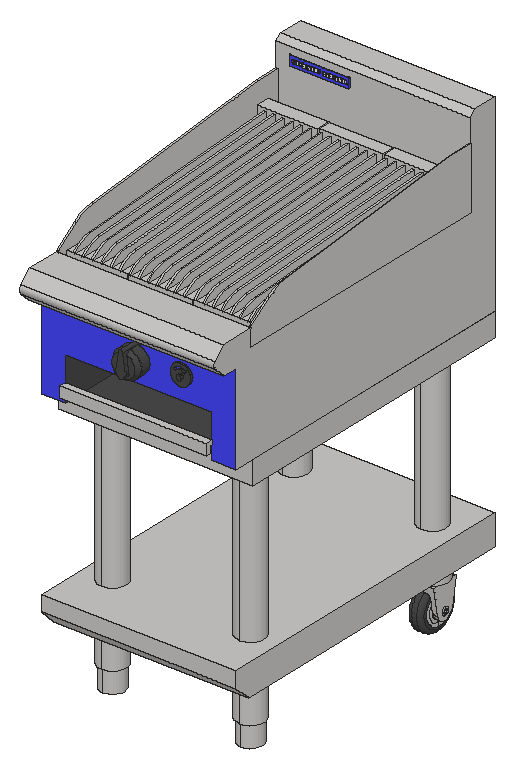
Revit family "QF_MOFFAT_BLUESEAL_CE_G593-LS", category Specialty Equipment, Revit 2012
Parameters
  Weight in Pounds = 217  # constant formula
  URL Cutsheet = "www.moffat.com"
  URL = "www.moffat.com"
  Type Mark [instance] = ""
  Status [instance] = ""
  Specification by User [instance] = ""
  Specification by Manufacturer = ""
  Show Logo [instance] = yes
  Show Casters [instance] = yes
  Serial Number = ""
  Seismic Rating = ""
  SMACNA No = ""
  Revision Code [instance] = ""
  Omniclass Number and Title = ""
  NAFEM Spec ID Number = ""
  Model = "G593-LS"
  Mechanical Remarks [instance] = ""
  Mechanical Connection Type [instance] = ""
  Masterspec = ""
  Manufacturer = "MOFFAT BLUESEAL"
  Legs [instance] = not(Show Casters)  # no
  Item Number [instance] = ""
  Installed By [instance] = ""
  Identify Quantity as Lot [instance] = yes
  Gas Size = 3/4"
  Gas RI Height [instance] = 0 mm
  Gas KW [instance] = 14.4
  Gas Input [instance] = 48500.0 Btu/h
  Gas Connection Height = 0 mm
  Furnished By [instance] = ""
  Foodservice Equipment Identifier [instance] = yes
  Description = "450MM GAS CHARGRILL  ON LEG STAND"
  CSI MasterFormat = ""
  CSI Master Format = ""
  Body Finish = QF_Finishes_Stainless Steel
Reference planes
  plane 1 "BACK": y = 0
  plane 2: z = 0
  plane 3 "LEFT": x = 0
  plane 4 "RIGHT": x = 450
  plane 5 "FRONT": y = -812
  plane 6 "TOP": z = 972
  plane 7 "Center Y": x = 225
  plane 8 "Center X": y = -406
  plane 9: z = 970
  plane 10: z = 1085
  plane 11: y = -100
  plane 12: y = -625
  plane 13: x = 65.5
  plane 14: x = 384.5
Forms (mm)
  Extrusion 1, solid, material "QF_Finishes_Stainless Steel" <- "Body Finish"
    sketch origin (0, 0, 0) x (0, 1, 0) y (0, 0, 1)
      loop
        line (0, 222.5) -> (-749, 222.5) -> (-749, 186) -> (-713, 150) -> (0, 150) -> (0, 222.5)
      loop
        line (0, 640) -> (0, 1085) -> (-57.5, 1085) -> (-70, 1072.5) -> (-70, 875) -> (-705, 875) -> (-705, 915) -> (-783.97, 915) -> (-808.485, 890.485)
        arc (-808.485, 890.485) -> (-811.999, 882) -> (-808.485, 873.515) r 12
        line (-808.485, 873.515) -> (-784.97, 850) -> (-749, 850) -> (-749, 640) -> (0, 640)
      loop
        line (0, 585) -> (0, 639.206) -> (-699, 639.206) -> (-699, 585) -> (0, 585)
    from 0 to 450
  Revolve 2, solid, material "QF_Finishes_Stainless Steel" <- "Body Finish"
    sketch origin (385, -735, 0) x (0, 1, 0) y (0, 0, -1)
      loop
        line (78.25, -150) -> (110, -150) -> (110, 0) -> (82.5, 0) -> (82.5, -50) -> (78.25, -50) -> (78.25, -150)
      loop
        line (78.25, -222.5) -> (78.25, -585) -> (110, -585) -> (110, -222.5) -> (78.25, -222.5)
      axis (110, -585) -> (110, 0)
    angle from 0 to 360
  Revolve 3, solid, material "QF_Finishes_Stainless Steel" <- "Body Finish"
    sketch origin (385, -210, 0) x (0, 1, 0) y (0, 0, -1)
      loop
        line (78.25, -222.5) -> (78.25, -585) -> (110, -585) -> (110, -222.5) -> (78.25, -222.5)
      axis (110, -585) -> (110, -222.5)
    angle from 0 to 360
  Revolve 4, solid, material "QF_Finishes_Stainless Steel" <- "Body Finish"
    sketch origin (65, -735, 0) x (0, 1, 0) y (0, 0, 1)
      loop
        line (78.25, 150) -> (78.25, 50) -> (82.5, 50) -> (82.5, 0) -> (110, 0) -> (110, 150) -> (78.25, 150)
      loop
        line (78.25, 222.5) -> (110, 222.5) -> (110, 585) -> (78.25, 585) -> (78.25, 222.5)
      axis (110, 585) -> (110, 0)
    angle from 0 to 360
  Revolve 5, solid, material "QF_Finishes_Stainless Steel" <- "Body Finish"
    sketch origin (65, -210, 0) x (0, 1, 0) y (0, 0, 1)
      loop
        line (78.25, 222.5) -> (110, 222.5) -> (110, 585) -> (78.25, 585) -> (78.25, 222.5)
      axis (110, 585) -> (110, 222.5)
    angle from 0 to 360
  Extrusion 6, solid, material "QF_Finishes_Stainless Steel" <- "Body Finish"
    sketch origin (0, 0, 157.388) x (0, 1, 0) y (0, 0, 1)
      loop
        line (-70, 717) -> (-70, 860.112) -> (-127.045, 860.112) -> (-604.53, 814.135)
        arc (-604.53, 814.135) -> (-629.557, 808.415) -> (-652.303, 796.511) r 100
        line (-652.303, 796.511) -> (-705, 759.612) -> (-705, 717) -> (-70, 717)
    from 0 to 4.5
  Extrusion 7, solid, material "QF_Finishes_Stainless Steel" <- "Body Finish"
    sketch origin (450, 0, 0) x (0, -1, 0) y (0, 0, 1)
      loop
        line (70, 874.388) -> (705, 874.388) -> (705, 917) -> (652.303, 953.899)
        arc (652.303, 953.899) -> (629.557, 965.803) -> (604.53, 971.523) r 100
        line (604.53, 971.523) -> (127.045, 1017.5) -> (70, 1017.5) -> (70, 874.388)
    from 0 to 3
  Revolve 8, solid, material "QF_Finishes_Black"
    sketch origin (225, 7, 155.8) x (0, 1, 0) y (0, 0, 1)
      loop
        line (-789, 671.5) -> (-800, 665.651) -> (-800, 639) -> (-756, 639) -> (-756, 644) -> (-766, 644) -> (-766, 671.5) -> (-789, 671.5)
      axis (-800, 639) -> (-756, 639)
    angle from 0 to 360
  Extrusion 9, solid, material "QF_Finishes_Black"
    sketch origin (86.887, 7, 155.8) x (1, 0, 0) y (0, 0, 1)
      loop
        line (148.532, 628.195) -> (143.111, 671.113)
        arc (143.111, 671.113) -> (138.113, 676) -> (133.114, 671.113) r 5
        line (133.114, 671.113) -> (127.625, 627.028)
        arc (127.625, 627.028) -> (138.697, 616.529) -> (148.532, 628.195) r 10.487
    from 759 to 808
  Extrusion 10, solid, material "QF_Finishes_Stainless Steel"
    sketch origin (276, 0, 158) x (0, 1, 0) y (0, 0, 1)
      loop
        line (-132, 752.364) -> (-132, 804.849) -> (-637.852, 774.53)
        arc (-637.852, 774.53) -> (-663.098, 767.97) -> (-684, 752.364) r 67.81
        line (-684, 752.364) -> (-132, 752.364)
    from 0 to 4.5
  Extrusion 11, solid, material "QF_Finishes_Stainless Steel"
    sketch origin (255, 0, 158) x (0, 1, 0) y (0, 0, 1)
      loop
        line (-132, 752.364) -> (-132, 804.849) -> (-637.852, 774.53)
        arc (-637.852, 774.53) -> (-663.098, 767.97) -> (-684, 752.364) r 67.81
        line (-684, 752.364) -> (-132, 752.364)
    from 0 to 4.5
  Extrusion 12, solid, material "QF_Finishes_Stainless Steel"
    sketch origin (234, 0, 158) x (0, 1, 0) y (0, 0, 1)
      loop
        line (-132, 752.364) -> (-132, 804.849) -> (-637.852, 774.53)
        arc (-637.852, 774.53) -> (-663.098, 767.97) -> (-684, 752.364) r 67.81
        line (-684, 752.364) -> (-132, 752.364)
    from 0 to 4.5
  Extrusion 13, solid, material "QF_Finishes_Stainless Steel"
    sketch origin (213, 0, 158) x (0, 1, 0) y (0, 0, 1)
      loop
        line (-132, 752.364) -> (-132, 804.849) -> (-637.852, 774.53)
        arc (-637.852, 774.53) -> (-663.098, 767.97) -> (-684, 752.364) r 67.81
        line (-684, 752.364) -> (-132, 752.364)
    from 0 to 4.5
  Extrusion 14, solid, material "QF_Finishes_Stainless Steel"
    sketch origin (192, 0, 158) x (0, 1, 0) y (0, 0, 1)
      loop
        line (-132, 752.364) -> (-132, 804.849) -> (-637.852, 774.53)
        arc (-637.852, 774.53) -> (-663.098, 767.97) -> (-684, 752.364) r 67.81
        line (-684, 752.364) -> (-132, 752.364)
    from 0 to 4.5
  Extrusion 15, solid, material "QF_Finishes_Stainless Steel"
    sketch origin (171, 0, 158) x (0, 1, 0) y (0, 0, 1)
      loop
        line (-132, 752.364) -> (-132, 804.849) -> (-637.852, 774.53)
        arc (-637.852, 774.53) -> (-663.098, 767.97) -> (-684, 752.364) r 67.81
        line (-684, 752.364) -> (-132, 752.364)
    from 0 to 4.5
  Extrusion 16, solid, material "QF_Finishes_Stainless Steel"
    sketch origin (150, 0, 158) x (0, 1, 0) y (0, 0, 1)
      loop
        line (-132, 752.364) -> (-132, 804.849) -> (-637.852, 774.53)
        arc (-637.852, 774.53) -> (-663.098, 767.97) -> (-684, 752.364) r 67.81
        line (-684, 752.364) -> (-132, 752.364)
    from 0 to 4.5
  Extrusion 17, solid, material "QF_Finishes_Stainless Steel"
    sketch origin (126, 0, 158) x (0, 1, 0) y (0, 0, 1)
      loop
        line (-132, 752.364) -> (-132, 804.849) -> (-637.852, 774.53)
        arc (-637.852, 774.53) -> (-663.098, 767.97) -> (-684, 752.364) r 67.81
        line (-684, 752.364) -> (-132, 752.364)
    from 0 to 4.5
  Extrusion 18, solid, material "QF_Finishes_Stainless Steel"
    sketch origin (105, 0, 158) x (0, 1, 0) y (0, 0, 1)
      loop
        line (-132, 752.364) -> (-132, 804.849) -> (-637.852, 774.53)
        arc (-637.852, 774.53) -> (-663.098, 767.97) -> (-684, 752.364) r 67.81
        line (-684, 752.364) -> (-132, 752.364)
    from 0 to 4.5
  Extrusion 19, solid, material "QF_Finishes_Stainless Steel"
    sketch origin (84, 0, 158) x (0, 1, 0) y (0, 0, 1)
      loop
        line (-132, 752.364) -> (-132, 804.849) -> (-637.852, 774.53)
        arc (-637.852, 774.53) -> (-663.098, 767.97) -> (-684, 752.364) r 67.81
        line (-684, 752.364) -> (-132, 752.364)
    from 0 to 4.5
  Extrusion 20, solid, material "QF_Finishes_Stainless Steel"
    sketch origin (63, 0, 158) x (0, 1, 0) y (0, 0, 1)
      loop
        line (-132, 752.364) -> (-132, 804.849) -> (-637.852, 774.53)
        arc (-637.852, 774.53) -> (-663.098, 767.97) -> (-684, 752.364) r 67.81
        line (-684, 752.364) -> (-132, 752.364)
    from 0 to 4.5
  Extrusion 21, solid, material "QF_Finishes_Stainless Steel"
    sketch origin (42, 0, 158) x (0, 1, 0) y (0, 0, 1)
      loop
        line (-132, 752.364) -> (-132, 804.849) -> (-637.852, 774.53)
        arc (-637.852, 774.53) -> (-663.098, 767.97) -> (-684, 752.364) r 67.81
        line (-684, 752.364) -> (-132, 752.364)
    from 0 to 4.5
  Extrusion 22, solid, material "QF_Finishes_Stainless Steel"
    sketch origin (21, 0, 158) x (0, 1, 0) y (0, 0, 1)
      loop
        line (-132, 752.364) -> (-132, 804.849) -> (-637.852, 774.53)
        arc (-637.852, 774.53) -> (-663.098, 767.97) -> (-684, 752.364) r 67.81
        line (-684, 752.364) -> (-132, 752.364)
    from 0 to 4.5
  Extrusion 23, solid, material "QF_Finishes_Stainless Steel"
    sketch origin (426, 0, 158) x (0, 1, 0) y (0, 0, 1)
      loop
        line (-132, 752.364) -> (-132, 804.849) -> (-637.852, 774.53)
        arc (-637.852, 774.53) -> (-663.098, 767.97) -> (-684, 752.364) r 67.81
        line (-684, 752.364) -> (-132, 752.364)
    from 0 to 4.5
  Extrusion 24, solid, material "QF_Finishes_Stainless Steel"
    sketch origin (405, 0, 158) x (0, 1, 0) y (0, 0, 1)
      loop
        line (-132, 752.364) -> (-132, 804.849) -> (-637.852, 774.53)
        arc (-637.852, 774.53) -> (-663.098, 767.97) -> (-684, 752.364) r 67.81
        line (-684, 752.364) -> (-132, 752.364)
    from 0 to 4.5
  Extrusion 25, solid, material "QF_Finishes_Stainless Steel"
    sketch origin (384, 0, 158) x (0, 1, 0) y (0, 0, 1)
      loop
        line (-132, 752.364) -> (-132, 804.849) -> (-637.852, 774.53)
        arc (-637.852, 774.53) -> (-663.098, 767.97) -> (-684, 752.364) r 67.81
        line (-684, 752.364) -> (-132, 752.364)
    from 0 to 4.5
  Extrusion 26, solid, material "QF_Finishes_Stainless Steel"
    sketch origin (363, 0, 158) x (0, 1, 0) y (0, 0, 1)
      loop
        line (-132, 752.364) -> (-132, 804.849) -> (-637.852, 774.53)
        arc (-637.852, 774.53) -> (-663.098, 767.97) -> (-684, 752.364) r 67.81
        line (-684, 752.364) -> (-132, 752.364)
    from 0 to 4.5
  Extrusion 27, solid, material "QF_Finishes_Stainless Steel"
    sketch origin (342, 0, 158) x (0, 1, 0) y (0, 0, 1)
      loop
        line (-132, 752.364) -> (-132, 804.849) -> (-637.852, 774.53)
        arc (-637.852, 774.53) -> (-663.098, 767.97) -> (-684, 752.364) r 67.81
        line (-684, 752.364) -> (-132, 752.364)
    from 0 to 4.5
  Extrusion 28, solid, material "QF_Finishes_Stainless Steel"
    sketch origin (321, 0, 158) x (0, 1, 0) y (0, 0, 1)
      loop
        line (-132, 752.364) -> (-132, 804.849) -> (-637.852, 774.53)
        arc (-637.852, 774.53) -> (-663.098, 767.97) -> (-684, 752.364) r 67.81
        line (-684, 752.364) -> (-132, 752.364)
    from 0 to 4.5
  Extrusion 29, solid, material "QF_Finishes_Stainless Steel"
    sketch origin (300, 0, 158) x (0, 1, 0) y (0, 0, 1)
      loop
        line (-132, 752.364) -> (-132, 804.849) -> (-637.852, 774.53)
        arc (-637.852, 774.53) -> (-663.098, 767.97) -> (-684, 752.364) r 67.81
        line (-684, 752.364) -> (-132, 752.364)
    from 0 to 4.5
  Extrusion 30, solid, material "QF_Finishes_Stainless Steel"
    sketch origin (0, 3, 0) x (1, 0, 0) y (0, 1, 0)
      loop
        circle (216, -35) r 13.5
    from 555 to 585
  Extrusion 31, solid, material "QF_Finishes_Stainless Steel"
    sketch origin (0, 0, 158) x (0, 1, 0) y (0, 0, 1)
      loop
        line (-132, 752.364) -> (-684, 752.364) -> (-684, 717) -> (-102, 717) -> (-102, 812) -> (-132, 812) -> (-132, 752.364)
    from 4.5 to 147
  Extrusion 32, solid, material "QF_Finishes_Stainless Steel"
    sketch origin (145.5, 0, 158) x (0, 1, 0) y (0, 0, 1)
      loop
        line (-132, 752.364) -> (-684, 752.364) -> (-684, 717) -> (-102, 717) -> (-102, 812) -> (-132, 812) -> (-132, 752.364)
    from 4.5 to 151.5
  Extrusion 33, solid, material "QF_Finishes_Stainless Steel"
    sketch origin (295.5, 0, 158) x (0, 1, 0) y (0, 0, 1)
      loop
        line (-132, 752.364) -> (-684, 752.364) -> (-684, 717) -> (-102, 717) -> (-102, 812) -> (-132, 812) -> (-132, 752.364)
    from 4.5 to 151.5
  Extrusion 34, solid, material "QF_Finishes_Black"
    sketch origin (0, -749, 850) x (0, 0, -1) y (1, 0, 0)
      loop
        circle (55.799, 325) r 23.9
      loop
        arc (48.44, 333.419) -> (49.3, 338.219) -> (44.5, 339.079) r 3.448
        arc (44.5, 339.079) -> (37.915, 324.341) -> (45.718, 310.209) r 18.095
        arc (45.718, 310.209) -> (50.44, 311.491) -> (49.125, 316.204) r 3.448
        arc (49.125, 316.204) -> (45.557, 324.683) -> (48.44, 333.419) r 13.109
    from 0 to 4
  Extrusion 35, solid, material "QF_Finishes_Black"
    sketch origin (0, -753, 850) x (0, 0, -1) y (1, 0, 0)
      loop
        circle (59.299, 325) r 5.75
    from 0 to 5
  Extrusion 36, void
    sketch origin (0, -749, 850) x (0, 0, 1) y (1, 0, 0)
      loop
        line (-210, 395) -> (-210, 55) -> (-110, 55) -> (-110, 395) -> (-210, 395)
    from 0 to 250
  Extrusion 37, solid, material "QF_Finishes_Stainless Steel"
    sketch origin (55, -749, 150) x (0, 0, 1) y (0, -1, 0)
      loop
        line (506.797, 15.924) -> (506.797, 5.924) -> (521.797, 5.924) -> (521.797, -31.346) -> (490, -31.346) -> (490, -50) -> (531.797, -50) -> (531.797, 15.924) -> (506.797, 15.924)
    from 0 to 340
  Revolve 38, solid, material "QF_Finishes_Stainless Steel", visible <- "Legs"
    sketch origin (65.5, -166, 0) x (0, 1, 0) y (0, 0, 1)
      loop
        line (34.25, 150) -> (34.25, 50) -> (38.5, 50) -> (38.5, 0) -> (66, 0) -> (66, 150) -> (34.25, 150)
      axis (66, 150) -> (66, 0)
    angle from 0 to 360
  Revolve 39, solid, material "QF_Finishes_Stainless Steel", visible <- "Legs"
    sketch origin (384.5, -166, 0) x (0, 1, 0) y (0, 0, -1)
      loop
        line (34.25, -150) -> (66, -150) -> (66, 0) -> (38.5, 0) -> (38.5, -50) -> (34.25, -50) -> (34.25, -150)
      axis (66, -150) -> (66, 0)
    angle from 0 to 360
  Revolve 40, solid, material "QF_Finishes_Stainless Steel", visible <- "Show Casters"
    sketch origin (16.276, -100.755, -13.653) x (1, 0, 0) y (0, 0, 1)
      loop
        line (14.841, 63.604) -> (83.584, 63.604) -> (83.584, 67.109) -> (82.314, 68.379) -> (80.79, 68.379) -> (80.79, 71.826) -> (68.644, 71.826) -> (68.644, 81.79) -> (65.088, 83.843) -> (63.738, 92.179) -> (65.881, 92.179) -> (65.881, 98.529) -> (65.088, 98.529) -> (65.088, 104.879)
        arc (65.088, 104.879) -> (62.298, 111.614) -> (55.563, 114.404) r 9.525
        line (55.563, 114.404) -> (42.863, 114.404)
        arc (42.863, 114.404) -> (36.127, 111.614) -> (33.338, 104.879) r 9.525
        line (33.338, 104.879) -> (33.338, 98.529) -> (32.544, 98.529) -> (32.544, 92.179) -> (34.687, 92.179) -> (33.352, 83.932) -> (29.782, 81.871) -> (29.782, 71.826) -> (17.635, 71.826) -> (17.635, 68.379) -> (16.111, 68.379) -> (14.841, 67.109) -> (14.841, 63.604)
      axis (14.841, 63.604) -> (83.584, 63.604)
    angle from 0 to 360
  Extrusion 41, solid, material "QF_Finishes_Stainless Steel", visible <- "Show Casters"
    sketch origin (72.001, 132.353, -8.783) x (0, 1, 0) y (0, 0, 1)
      loop
        line (-200.603, 118.783) -> (-264.103, 118.783) -> (-251.746, 53.895)
        arc (-251.746, 53.895) -> (-232.353, 38.783) -> (-212.959, 53.895) r 20
        line (-212.959, 53.895) -> (-200.603, 118.783)
    from -35.667 to 22.923
  Revolve 42, solid, material "QF_Finishes_Stainless Steel", visible <- "Show Casters"
    sketch origin (65.5, -204, 0) x (0, 1, 0) y (0, 0, 1)
      loop
        line (68.25, 150) -> (68.25, 110) -> (104, 110) -> (104, 150) -> (68.25, 150)
      axis (104, 150) -> (104, 110)
    angle from 0 to 360
  Revolve 43, solid, material "QF_Finishes_Stainless Steel", visible <- "Legs"
    sketch origin (65.5, -166, 0) x (0, 1, 0) y (0, 0, 1)
      loop
        line (34.25, 150) -> (34.25, 50) -> (38.5, 50) -> (38.5, 0) -> (66, 0) -> (66, 150) -> (34.25, 150)
      axis (66, 150) -> (66, 0)
    angle from 0 to 360
  Revolve 44, solid, material "QF_Finishes_Stainless Steel", visible <- "Show Casters"
    sketch origin (335.276, -100.755, -13.653) x (1, 0, 0) y (0, 0, 1)
      loop
        line (14.841, 63.604) -> (83.584, 63.604) -> (83.584, 67.109) -> (82.314, 68.379) -> (80.79, 68.379) -> (80.79, 71.826) -> (68.644, 71.826) -> (68.644, 81.79) -> (65.088, 83.843) -> (63.738, 92.179) -> (65.881, 92.179) -> (65.881, 98.529) -> (65.088, 98.529) -> (65.088, 104.879)
        arc (65.088, 104.879) -> (62.298, 111.614) -> (55.563, 114.404) r 9.525
        line (55.563, 114.404) -> (42.863, 114.404)
        arc (42.863, 114.404) -> (36.127, 111.614) -> (33.338, 104.879) r 9.525
        line (33.338, 104.879) -> (33.338, 98.529) -> (32.544, 98.529) -> (32.544, 92.179) -> (34.687, 92.179) -> (33.352, 83.932) -> (29.782, 81.871) -> (29.782, 71.826) -> (17.635, 71.826) -> (17.635, 68.379) -> (16.111, 68.379) -> (14.841, 67.109) -> (14.841, 63.604)
      axis (14.841, 63.604) -> (83.584, 63.604)
    angle from 0 to 360
  Extrusion 45, solid, material "QF_Finishes_Stainless Steel", visible <- "Show Casters"
    sketch origin (391.001, 132.353, -8.783) x (0, 1, 0) y (0, 0, 1)
      loop
        line (-200.603, 118.783) -> (-264.103, 118.783) -> (-251.746, 53.895)
        arc (-251.746, 53.895) -> (-232.353, 38.783) -> (-212.959, 53.895) r 20
        line (-212.959, 53.895) -> (-200.603, 118.783)
    from -35.667 to 22.923
  Revolve 46, solid, material "QF_Finishes_Stainless Steel", visible <- "Show Casters"
    sketch origin (384.5, -204, 0) x (0, 1, 0) y (0, 0, 1)
      loop
        line (68.25, 150) -> (68.25, 110) -> (104, 110) -> (104, 150) -> (68.25, 150)
      axis (104, 150) -> (104, 110)
    angle from 0 to 360
Cuts and joins
  Extrusion 36 cuts Extrusion 37
  Extrusion 36 cuts Extrusion 1
Lines and regions (mm)
  Split face 1
    outline origin (450, 0, 1085) x (-1, 0, 0) y (0, -1, 0)
      loop
        arc (24, 45.385) -> (15.34, 40.385) -> (15.34, 30.385) r 10
        line (15.34, 30.385) -> (19.381, 23.385)
        arc (19.381, 23.385) -> (23.041, 19.725) -> (28.041, 18.385) r 10
        line (28.041, 18.385) -> (106, 18.385)
        arc (106, 18.385) -> (114.66, 23.385) -> (114.66, 33.385) r 10
        line (114.66, 33.385) -> (110.619, 40.385)
        arc (110.619, 40.385) -> (106.959, 44.045) -> (101.959, 45.385) r 10
        line (101.959, 45.385) -> (24, 45.385)
  Split face 2
    outline origin (450, 0, 1085) x (-1, 0, 0) y (0, -1, 0)
      loop
        arc (174, 45.385) -> (165.34, 40.385) -> (165.34, 30.385) r 10
        line (165.34, 30.385) -> (169.381, 23.385)
        arc (169.381, 23.385) -> (173.041, 19.725) -> (178.041, 18.385) r 10
        line (178.041, 18.385) -> (406, 18.385)
        arc (406, 18.385) -> (414.66, 23.385) -> (414.66, 33.385) r 10
        line (414.66, 33.385) -> (410.619, 40.385)
        arc (410.619, 40.385) -> (406.959, 44.045) -> (401.959, 45.385) r 10
        line (401.959, 45.385) -> (174, 45.385)
  symbolic lines, style "SpecialityEquipmentHiddenLines", visible <- "Show Casters"
    curve 1: line (78.456, -46.735, 0) -> (105.952, -62.61, 0)
    curve 2: line (27.656, -134.723, 0) -> (78.456, -46.735, 0)
    curve 3: line (55.152, -150.598, 0) -> (27.656, -134.723, 0)
    curve 4: line (105.952, -62.61, 0) -> (55.152, -150.598, 0)
    curve 5: line (398.456, -46.735, 0) -> (425.952, -62.61, 0)
    curve 6: line (347.656, -134.723, 0) -> (398.456, -46.735, 0)
    curve 7: line (375.152, -150.598, 0) -> (347.656, -134.723, 0)
    curve 8: line (425.952, -62.61, 0) -> (375.152, -150.598, 0)
  symbolic lines
    curve 9: line (450, -811.999, 0) -> (0, -811.999, 0)
    curve 10: line (450, 0, 0) -> (450, -811.999, 0)
    curve 11: line (0, 0, 0) -> (450, 0, 0)
    curve 12: line (0, -811.999, 0) -> (0, 0, 0)
    curve 13: line (348.041, -45.385, 0) -> (426, -45.385, 0)
    curve 14: arc (426, -45.385, 0) -> (434.66, -40.385, 0) -> (434.66, -30.385, 0) r 10
    curve 15: line (434.66, -30.385, 0) -> (430.619, -23.385, 0)
    curve 16: arc (430.619, -23.385, 0) -> (426.959, -19.725, 0) -> (421.959, -18.385, 0) r 10
    curve 17: line (421.959, -18.385, 0) -> (344, -18.385, 0)
    curve 18: arc (344, -18.385, 0) -> (335.34, -23.385, 0) -> (335.34, -33.385, 0) r 10
    curve 19: line (335.34, -33.385, 0) -> (339.381, -40.385, 0)
    curve 20: arc (339.381, -40.385, 0) -> (343.041, -44.045, 0) -> (348.041, -45.385, 0) r 10
    curve 21: line (48.041, -45.385, 0) -> (276, -45.385, 0)
    curve 22: arc (276, -45.385, 0) -> (284.66, -40.385, 0) -> (284.66, -30.385, 0) r 10
    curve 23: line (284.66, -30.385, 0) -> (280.619, -23.385, 0)
    curve 24: arc (280.619, -23.385, 0) -> (276.959, -19.725, 0) -> (271.959, -18.385, 0) r 10
    curve 25: line (271.959, -18.385, 0) -> (44, -18.385, 0)
    curve 26: arc (44, -18.385, 0) -> (35.34, -23.385, 0) -> (35.34, -33.385, 0) r 10
    curve 27: line (35.34, -33.385, 0) -> (39.381, -40.385, 0)
    curve 28: arc (39.381, -40.385, 0) -> (43.041, -44.045, 0) -> (48.041, -45.385, 0) r 10
    curve 29: line (0, -57.5, 0) -> (450, -57.5, 0)
    curve 30: line (0, -70, 0) -> (450, -70, 0)
    curve 31: line (4.5, -705, 0) -> (4.5, -70, 0)
    curve 32: line (297, -102, 0) -> (150, -102, 0)
    curve 33: line (147, -102, 0) -> (4.5, -102, 0)
    curve 34: line (447, -102, 0) -> (300, -102, 0)
    curve 35: line (447, -70, 0) -> (447, -705, 0)
    curve 36: line (300, -132, 0) -> (447, -132, 0)
    curve 37: line (150, -132, 0) -> (297, -132, 0)
    curve 38: line (4.5, -132, 0) -> (147, -132, 0)
    curve 39: line (147, -684, 0) -> (147, -102, 0)
    curve 40: line (150, -102, 0) -> (150, -684, 0)
    curve 41: line (297, -684, 0) -> (297, -102, 0)
    curve 42: line (300, -102, 0) -> (300, -684, 0)
    curve 43: line (450, -705, 0) -> (0, -705, 0)
    curve 44: line (300, -684, 0) -> (447, -684, 0)
    curve 45: line (150, -684, 0) -> (297, -684, 0)
    curve 46: line (4.5, -684, 0) -> (147, -684, 0)
    curve 47: line (0, -783.97, 0) -> (450, -783.97, 0)
    curve 48: line (25.5, -684, 0) -> (25.5, -132, 0)
    curve 49: line (46.5, -684, 0) -> (46.5, -132, 0)
    curve 50: line (67.5, -684, 0) -> (67.5, -132, 0)
    curve 51: line (88.5, -684, 0) -> (88.5, -132, 0)
    curve 52: line (109.5, -684, 0) -> (109.5, -132, 0)
    curve 53: line (130.5, -684, 0) -> (130.5, -132, 0)
    curve 54: line (154.5, -684, 0) -> (154.5, -132, 0)
    curve 55: line (175.5, -684, 0) -> (175.5, -132, 0)
    curve 56: line (196.5, -684, 0) -> (196.5, -132, 0)
    curve 57: line (217.5, -684, 0) -> (217.5, -132, 0)
    curve 58: line (238.5, -684, 0) -> (238.5, -132, 0)
    curve 59: line (259.5, -684, 0) -> (259.5, -132, 0)
    curve 60: line (280.5, -684, 0) -> (280.5, -132, 0)
    curve 61: line (304.5, -684, 0) -> (304.5, -132, 0)
    curve 62: line (325.5, -684, 0) -> (325.5, -132, 0)
    curve 63: line (346.5, -684, 0) -> (346.5, -132, 0)
    curve 64: line (367.5, -684, 0) -> (367.5, -132, 0)
    curve 65: line (388.5, -684, 0) -> (388.5, -132, 0)
    curve 66: line (409.5, -684, 0) -> (409.5, -132, 0)
    curve 67: line (430.5, -684, 0) -> (430.5, -132, 0)
Dimensions and locks
  equal spacing: plane 3 "LEFT", plane 7 "Center Y", plane 4 "RIGHT"
  plane 3 "LEFT" to plane 4 "RIGHT" = 450 mm
  equal spacing: plane 5 "FRONT", plane 8 "Center X", plane 1 "BACK"
  plane 5 "FRONT" to plane 1 "BACK" = 812 mm  (x2)
  equal spacing: plane 4 "RIGHT", plane 7 "Center Y", plane 3 "LEFT"
  plane 4 "RIGHT" to plane 3 "LEFT" = 450 mm
  plane 9 to level = 970 mm
  plane 10 to plane 2 = 1085 mm  (x2)
  Revolve 40 sketch curve to Revolve 40 sketch curve = 50.8 mm
  Revolve 44 sketch curve to Revolve 44 sketch curve = 50.8 mm
  plane 13 to plane 14 = 319 mm
  cut or joined group of Extrusion 1, Extrusion 36 to plane 2 = 915 mm
  plane 2 to Extrusion 30 = 555 mm
  plane 2 to cut or joined group of Extrusion 1, Extrusion 36 = 150 mm
  plane 11 to plane 12 = 525 mm
  plane 1 "BACK" to plane 11 = 100 mm
  Extrusion 30 sketch curve to plane 1 "BACK" = 32 mm
  aligned and locked: level to plane 2
Automatic sketch dimensions
  Extrusion 1 sketch curve to plane 10 = 0 mm
  Extrusion 1 sketch curve to plane 1 "BACK" = 0 mm  (x3)
  Extrusion 1 sketch curve to plane 11 = 42.5 mm
  Extrusion 1 sketch curve to plane 10 = 12.5 mm
  Extrusion 1 sketch curve to Extrusion 1 sketch curve = 12.5 mm
  plane 12 to Extrusion 1 sketch curve = 74 mm
  plane 12 to Extrusion 1 sketch curve = 80 mm
  plane 12 to Extrusion 1 sketch curve = 88 mm
  Extrusion 1 sketch curve to Extrusion 1 sketch curve = 50 mm
  Extrusion 1 sketch curve to Extrusion 1 sketch curve = 36 mm
  Extrusion 1 sketch curve to plane 5 "FRONT" = 28.03 mm
  Extrusion 1 sketch curve to plane 5 "FRONT" = 27.03 mm
  Extrusion 1 sketch curve to plane 5 "FRONT" = 12.001 mm
  Extrusion 1 sketch curve to plane 5 "FRONT" = 3.515 mm  (x2)
  plane 9 to Extrusion 1 sketch curve = 55 mm
  Extrusion 1 sketch curve to Extrusion 1 sketch curve = 24.515 mm
  Extrusion 1 sketch curve to Extrusion 1 sketch curve = 8.485 mm
  plane 9 to Extrusion 1 sketch curve = 95 mm
  Extrusion 1 sketch curve to Extrusion 1 sketch curve = 23.515 mm
  Extrusion 1 sketch curve to Extrusion 1 sketch curve = 210 mm
  Extrusion 1 sketch curve to Extrusion 1 sketch curve = 0.794 mm
  Extrusion 1 sketch curve to Extrusion 1 sketch curve = 54.206 mm
  level to Extrusion 1 sketch curve = 222.5 mm
  Extrusion 1 sketch curve to Extrusion 1 sketch curve = 36.5 mm
  Extrusion 1 sketch curve to Extrusion 1 sketch curve = 72.5 mm
  Revolve 2 sketch curve to level = 0 mm
  Revolve 2 sketch curve to plane 12 = 0 mm  (x3)
  Revolve 2 sketch curve to Revolve 2 sketch curve = 27.5 mm
  Revolve 2 sketch curve to Revolve 2 sketch curve = 31.75 mm  (x2)
  level to Revolve 2 sketch curve = 50 mm
  Revolve 2 sketch curve to Revolve 2 sketch curve = 0 mm
  Revolve 2 sketch curve to Revolve 2 sketch curve = 100 mm
  Revolve 2 sketch curve to Revolve 2 sketch curve = 72.5 mm
  Revolve 2 sketch curve to Revolve 2 sketch curve = 362.5 mm
  Revolve 2 sketch curve to Revolve 2 sketch curve = 55 mm
  Revolve 3 sketch curve to plane 11 = 0 mm  (x2)
  plane 11 to Revolve 3 sketch curve = 31.75 mm
  plane 9 to Revolve 3 sketch curve = 385 mm
  level to Revolve 3 sketch curve = 222.5 mm
  level to Revolve 3 sketch curve = 50 mm
  Revolve 3 sketch curve to level = 55 mm
  Revolve 4 sketch curve to level = 0 mm
  Revolve 4 sketch curve to plane 12 = 0 mm  (x3)
  Revolve 4 sketch curve to Revolve 4 sketch curve = 27.5 mm
  Revolve 4 sketch curve to Revolve 4 sketch curve = 31.75 mm  (x2)
  Revolve 4 sketch curve to Revolve 4 sketch curve = 55 mm
  level to Revolve 4 sketch curve = 50 mm
  Revolve 4 sketch curve to Revolve 4 sketch curve = 0 mm
  Revolve 4 sketch curve to Revolve 4 sketch curve = 100 mm
  Revolve 4 sketch curve to Revolve 4 sketch curve = 72.5 mm
  Revolve 4 sketch curve to Revolve 4 sketch curve = 362.5 mm
  Revolve 5 sketch curve to plane 11 = 0 mm  (x2)
  plane 11 to Revolve 5 sketch curve = 31.75 mm
  Revolve 5 sketch curve to level = 55 mm
  level to Revolve 5 sketch curve = 50 mm
  Revolve 5 sketch curve to Revolve 5 sketch curve = 172.5 mm
  Revolve 5 sketch curve to Revolve 5 sketch curve = 362.5 mm
  plane 12 to Extrusion 6 sketch curve = 80 mm
  plane 12 to Extrusion 6 sketch curve = 27.303 mm
  Extrusion 6 sketch curve to plane 6 "TOP" = 0.477 mm
  Extrusion 6 sketch curve to plane 12 = 20.47 mm
  Extrusion 6 sketch curve to plane 12 = 30.055 mm
  plane 11 to Extrusion 6 sketch curve = 27.045 mm
  Extrusion 6 sketch curve to plane 11 = 30 mm
  Extrusion 6 sketch curve to plane 6 "TOP" = 18.101 mm
  plane 9 to Extrusion 6 sketch curve = 53 mm
  plane 9 to Extrusion 6 sketch curve = 95.612 mm
  plane 6 "TOP" to Extrusion 6 sketch curve = 45.5 mm
  Revolve 8 sketch curve to plane 5 "FRONT" = 19 mm
  Revolve 8 sketch curve to Revolve 8 sketch curve = 0 mm  (x2)
  Revolve 8 sketch curve to Revolve 8 sketch curve = 11 mm
  Revolve 8 sketch curve to Revolve 8 sketch curve = 12.7 mm
  Revolve 8 sketch curve to Revolve 8 sketch curve = 23 mm
  Revolve 8 sketch curve to Revolve 8 sketch curve = 10 mm
  plane 9 to Revolve 8 sketch curve = 175.2 mm
  Revolve 8 sketch curve to Revolve 8 sketch curve = 5 mm
  Revolve 8 sketch curve to Revolve 8 sketch curve = 26.651 mm
  Revolve 8 sketch curve to Revolve 8 sketch curve = 5.849 mm
  plane 3 "LEFT" to Extrusion 9 sketch curve = 214.513 mm
  Extrusion 9 sketch curve to Extrusion 9 sketch curve = 5.489 mm
  Extrusion 9 sketch curve to Extrusion 9 sketch curve = 4.999 mm  (x2)
  Extrusion 9 sketch curve to Extrusion 9 sketch curve = 10.487 mm
  Extrusion 9 sketch curve to Extrusion 9 sketch curve = 10.419 mm
  plane 9 to Extrusion 9 sketch curve = 187.2 mm
  Extrusion 9 sketch curve to Extrusion 9 sketch curve = 0.028 mm
  Extrusion 9 sketch curve to Extrusion 9 sketch curve = 44 mm
  Extrusion 9 sketch curve to Extrusion 9 sketch curve = 0.113 mm
  plane 12 to Extrusion 10 sketch curve = 59 mm
  plane 12 to Extrusion 10 sketch curve = 12.852 mm
  plane 12 to Extrusion 10 sketch curve = 8.738 mm
  plane 11 to Extrusion 10 sketch curve = 32 mm
  plane 9 to Extrusion 10 sketch curve = 105.155 mm
  plane 9 to Extrusion 10 sketch curve = 59.636 mm
  plane 9 to Extrusion 10 sketch curve = 7.151 mm
  plane 12 to Extrusion 11 sketch curve = 59 mm
  plane 12 to Extrusion 11 sketch curve = 12.852 mm
  plane 12 to Extrusion 11 sketch curve = 8.738 mm
  plane 11 to Extrusion 11 sketch curve = 32 mm
  plane 9 to Extrusion 11 sketch curve = 105.155 mm
  plane 9 to Extrusion 11 sketch curve = 59.636 mm
  plane 9 to Extrusion 11 sketch curve = 7.151 mm
  plane 12 to Extrusion 12 sketch curve = 59 mm
  plane 12 to Extrusion 12 sketch curve = 12.852 mm
  plane 12 to Extrusion 12 sketch curve = 8.738 mm
  plane 11 to Extrusion 12 sketch curve = 32 mm
  plane 9 to Extrusion 12 sketch curve = 105.155 mm
  plane 9 to Extrusion 12 sketch curve = 59.636 mm
  plane 9 to Extrusion 12 sketch curve = 7.151 mm
  plane 12 to Extrusion 13 sketch curve = 59 mm
  plane 12 to Extrusion 13 sketch curve = 12.852 mm
  plane 12 to Extrusion 13 sketch curve = 8.738 mm
  plane 11 to Extrusion 13 sketch curve = 32 mm
  plane 9 to Extrusion 13 sketch curve = 105.155 mm
  plane 9 to Extrusion 13 sketch curve = 59.636 mm
  plane 9 to Extrusion 13 sketch curve = 7.151 mm
  plane 12 to Extrusion 14 sketch curve = 59 mm
  plane 12 to Extrusion 14 sketch curve = 12.852 mm
  plane 12 to Extrusion 14 sketch curve = 8.738 mm
  plane 11 to Extrusion 14 sketch curve = 32 mm
  plane 9 to Extrusion 14 sketch curve = 105.155 mm
  plane 9 to Extrusion 14 sketch curve = 59.636 mm
  plane 9 to Extrusion 14 sketch curve = 7.151 mm
  plane 12 to Extrusion 15 sketch curve = 59 mm
  plane 12 to Extrusion 15 sketch curve = 12.852 mm
  plane 12 to Extrusion 15 sketch curve = 8.738 mm
  plane 11 to Extrusion 15 sketch curve = 32 mm
  plane 9 to Extrusion 15 sketch curve = 105.155 mm
  plane 9 to Extrusion 15 sketch curve = 59.636 mm
  plane 9 to Extrusion 15 sketch curve = 7.151 mm
  plane 12 to Extrusion 16 sketch curve = 59 mm
  plane 12 to Extrusion 16 sketch curve = 12.852 mm
  plane 12 to Extrusion 16 sketch curve = 8.738 mm
  plane 11 to Extrusion 16 sketch curve = 32 mm
  plane 9 to Extrusion 16 sketch curve = 105.155 mm
  plane 9 to Extrusion 16 sketch curve = 59.636 mm
  plane 9 to Extrusion 16 sketch curve = 7.151 mm
  plane 12 to Extrusion 17 sketch curve = 59 mm
  plane 12 to Extrusion 17 sketch curve = 12.852 mm
  plane 12 to Extrusion 17 sketch curve = 8.738 mm
  plane 11 to Extrusion 17 sketch curve = 32 mm
  plane 9 to Extrusion 17 sketch curve = 105.155 mm
  plane 9 to Extrusion 17 sketch curve = 59.636 mm
  plane 9 to Extrusion 17 sketch curve = 7.151 mm
  plane 12 to Extrusion 18 sketch curve = 59 mm
  plane 12 to Extrusion 18 sketch curve = 12.852 mm
  plane 12 to Extrusion 18 sketch curve = 8.738 mm
  plane 11 to Extrusion 18 sketch curve = 32 mm
  plane 9 to Extrusion 18 sketch curve = 105.155 mm
  plane 9 to Extrusion 18 sketch curve = 59.636 mm
  plane 9 to Extrusion 18 sketch curve = 7.151 mm
  plane 12 to Extrusion 19 sketch curve = 59 mm
  plane 12 to Extrusion 19 sketch curve = 12.852 mm
  plane 12 to Extrusion 19 sketch curve = 8.738 mm
  plane 11 to Extrusion 19 sketch curve = 32 mm
  plane 9 to Extrusion 19 sketch curve = 105.155 mm
  plane 9 to Extrusion 19 sketch curve = 59.636 mm
  plane 9 to Extrusion 19 sketch curve = 7.151 mm
  plane 12 to Extrusion 20 sketch curve = 59 mm
  plane 12 to Extrusion 20 sketch curve = 12.852 mm
  plane 12 to Extrusion 20 sketch curve = 8.738 mm
  plane 11 to Extrusion 20 sketch curve = 32 mm
  plane 9 to Extrusion 20 sketch curve = 105.155 mm
  plane 9 to Extrusion 20 sketch curve = 59.636 mm
  plane 9 to Extrusion 20 sketch curve = 7.151 mm
  plane 12 to Extrusion 21 sketch curve = 59 mm
  plane 12 to Extrusion 21 sketch curve = 12.852 mm
  plane 12 to Extrusion 21 sketch curve = 8.738 mm
  plane 11 to Extrusion 21 sketch curve = 32 mm
  plane 9 to Extrusion 21 sketch curve = 105.155 mm
  plane 9 to Extrusion 21 sketch curve = 59.636 mm
  plane 9 to Extrusion 21 sketch curve = 7.151 mm
  plane 12 to Extrusion 22 sketch curve = 59 mm
  plane 12 to Extrusion 22 sketch curve = 12.852 mm
  plane 12 to Extrusion 22 sketch curve = 8.738 mm
  plane 11 to Extrusion 22 sketch curve = 32 mm
  plane 9 to Extrusion 22 sketch curve = 105.155 mm
  plane 9 to Extrusion 22 sketch curve = 59.636 mm
  plane 9 to Extrusion 22 sketch curve = 7.151 mm
  plane 12 to Extrusion 23 sketch curve = 59 mm
  plane 12 to Extrusion 23 sketch curve = 12.852 mm
  plane 12 to Extrusion 23 sketch curve = 8.738 mm
  plane 11 to Extrusion 23 sketch curve = 32 mm
  plane 9 to Extrusion 23 sketch curve = 105.155 mm
  plane 9 to Extrusion 23 sketch curve = 59.636 mm
  plane 9 to Extrusion 23 sketch curve = 7.151 mm
  plane 12 to Extrusion 24 sketch curve = 59 mm
  plane 12 to Extrusion 24 sketch curve = 12.852 mm
  plane 12 to Extrusion 24 sketch curve = 8.738 mm
  plane 11 to Extrusion 24 sketch curve = 32 mm
  plane 9 to Extrusion 24 sketch curve = 105.155 mm
  plane 9 to Extrusion 24 sketch curve = 59.636 mm
  plane 9 to Extrusion 24 sketch curve = 7.151 mm
  plane 12 to Extrusion 25 sketch curve = 59 mm
  plane 12 to Extrusion 25 sketch curve = 12.852 mm
  plane 12 to Extrusion 25 sketch curve = 8.738 mm
  plane 11 to Extrusion 25 sketch curve = 32 mm
  plane 9 to Extrusion 25 sketch curve = 105.155 mm
  plane 9 to Extrusion 25 sketch curve = 59.636 mm
  plane 9 to Extrusion 25 sketch curve = 7.151 mm
  plane 12 to Extrusion 26 sketch curve = 59 mm
  plane 12 to Extrusion 26 sketch curve = 12.852 mm
  plane 12 to Extrusion 26 sketch curve = 8.738 mm
  plane 11 to Extrusion 26 sketch curve = 32 mm
  plane 9 to Extrusion 26 sketch curve = 105.155 mm
  plane 9 to Extrusion 26 sketch curve = 59.636 mm
  plane 9 to Extrusion 26 sketch curve = 7.151 mm
  plane 12 to Extrusion 27 sketch curve = 59 mm
  plane 12 to Extrusion 27 sketch curve = 12.852 mm
  plane 12 to Extrusion 27 sketch curve = 8.738 mm
  plane 11 to Extrusion 27 sketch curve = 32 mm
  plane 9 to Extrusion 27 sketch curve = 105.155 mm
  plane 9 to Extrusion 27 sketch curve = 59.636 mm
  plane 9 to Extrusion 27 sketch curve = 7.151 mm
  plane 12 to Extrusion 28 sketch curve = 59 mm
  plane 12 to Extrusion 28 sketch curve = 12.852 mm
  plane 12 to Extrusion 28 sketch curve = 8.738 mm
  plane 11 to Extrusion 28 sketch curve = 32 mm
  plane 9 to Extrusion 28 sketch curve = 105.155 mm
  plane 9 to Extrusion 28 sketch curve = 59.636 mm
  plane 9 to Extrusion 28 sketch curve = 7.151 mm
  plane 12 to Extrusion 29 sketch curve = 59 mm
  plane 12 to Extrusion 29 sketch curve = 12.852 mm
  plane 12 to Extrusion 29 sketch curve = 8.738 mm
  plane 11 to Extrusion 29 sketch curve = 32 mm
  plane 9 to Extrusion 29 sketch curve = 105.155 mm
  plane 9 to Extrusion 29 sketch curve = 59.636 mm
  plane 9 to Extrusion 29 sketch curve = 7.151 mm
  Extrusion 30 sketch curve to plane 7 "Center Y" = 9 mm
  plane 9 to Extrusion 31 sketch curve = 0 mm
  plane 12 to Extrusion 31 sketch curve = 59 mm
  plane 11 to Extrusion 31 sketch curve = 32 mm
  plane 11 to Extrusion 31 sketch curve = 2 mm
  plane 9 to Extrusion 31 sketch curve = 59.636 mm
  Extrusion 31 sketch curve to Extrusion 31 sketch curve = 35.364 mm
  plane 9 to Extrusion 32 sketch curve = 0 mm
  plane 12 to Extrusion 32 sketch curve = 59 mm
  plane 11 to Extrusion 32 sketch curve = 32 mm
  plane 11 to Extrusion 32 sketch curve = 2 mm
  plane 9 to Extrusion 32 sketch curve = 59.636 mm
  Extrusion 32 sketch curve to Extrusion 32 sketch curve = 35.364 mm
  plane 9 to Extrusion 33 sketch curve = 0 mm
  plane 12 to Extrusion 33 sketch curve = 59 mm
  plane 11 to Extrusion 33 sketch curve = 32 mm
  plane 11 to Extrusion 33 sketch curve = 2 mm
  plane 9 to Extrusion 33 sketch curve = 59.636 mm
  Extrusion 33 sketch curve to Extrusion 33 sketch curve = 35.364 mm
  Extrusion 1 to Extrusion 34 sketch curve = 44.5 mm
  Extrusion 34 sketch curve to Extrusion 34 sketch curve = 1.218 mm
  Extrusion 34 sketch curve to Extrusion 34 sketch curve = 1.97 mm  (x2)
  Extrusion 34 sketch curve to Extrusion 34 sketch curve = 1.724 mm
  Extrusion 34 sketch curve to Extrusion 34 sketch curve = 1.683 mm
  Extrusion 34 sketch curve to Extrusion 34 sketch curve = 6.674 mm
  Extrusion 34 sketch curve to Extrusion 34 sketch curve = 0.195 mm
  Extrusion 34 sketch curve to Extrusion 34 sketch curve = 2.662 mm
  Extrusion 1 to Extrusion 34 sketch curve = 310.209 mm
  Extrusion 34 sketch curve to Extrusion 34 sketch curve = 2.986 mm
  Extrusion 34 sketch curve to Extrusion 34 sketch curve = 8.796 mm
  Extrusion 34 sketch curve to Extrusion 34 sketch curve = 0.103 mm
  Extrusion 34 sketch curve to Extrusion 34 sketch curve = 0.102 mm
  Extrusion 36 sketch curve to Extrusion 1 = 0 mm
  Extrusion 36 sketch curve to Extrusion 1 = 100 mm
  Extrusion 36 sketch curve to Extrusion 1 = 55 mm  (x2)
  Extrusion 36 to Extrusion 37 sketch curve = 0 mm
  Extrusion 37 sketch curve to Extrusion 36 = 5.924 mm
  Extrusion 37 sketch curve to Extrusion 36 = 16.797 mm
  Extrusion 37 sketch curve to Extrusion 37 sketch curve = 15 mm
  Extrusion 37 sketch curve to Extrusion 37 sketch curve = 10 mm  (x2)
  Extrusion 36 to Extrusion 37 sketch curve = 31.346 mm
  Extrusion 37 sketch curve to Extrusion 37 sketch curve = 18.654 mm
  Revolve 38 sketch curve to level = 0 mm
  Revolve 38 sketch curve to plane 11 = 0 mm  (x2)
  plane 11 to Revolve 38 sketch curve = 27.5 mm
  plane 11 to Revolve 38 sketch curve = 31.75 mm
  Revolve 38 sketch curve to Revolve 38 sketch curve = 55 mm
  level to Revolve 38 sketch curve = 50 mm
  Revolve 38 sketch curve to Revolve 38 sketch curve = 0 mm
  Revolve 38 sketch curve to Revolve 38 sketch curve = 100 mm
  Revolve 39 sketch curve to level = 0 mm
  Revolve 39 sketch curve to plane 11 = 0 mm  (x2)
  plane 11 to Revolve 39 sketch curve = 27.5 mm
  plane 11 to Revolve 39 sketch curve = 31.75 mm
  level to Revolve 39 sketch curve = 50 mm
  Revolve 39 sketch curve to Revolve 39 sketch curve = 0 mm
  Revolve 39 sketch curve to Revolve 39 sketch curve = 100 mm
  Revolve 39 sketch curve to Revolve 39 sketch curve = 55 mm
  plane 3 "LEFT" to Revolve 40 sketch curve = 31.118 mm
  Revolve 40 sketch curve to Revolve 40 sketch curve = 1.27 mm  (x4)
  Revolve 40 sketch curve to Revolve 40 sketch curve = 1.524 mm  (x2)
  Revolve 40 sketch curve to Revolve 40 sketch curve = 12.146 mm  (x2)
  Revolve 40 sketch curve to Revolve 40 sketch curve = 2.762 mm
  Revolve 40 sketch curve to Revolve 40 sketch curve = 0.794 mm  (x2)
  Revolve 40 sketch curve to Revolve 40 sketch curve = 3.57 mm
  Revolve 40 sketch curve to Revolve 40 sketch curve = 2.143 mm
  Revolve 40 sketch curve to Revolve 40 sketch curve = 9.525 mm
  Revolve 40 sketch curve to Revolve 40 sketch curve = 24.572 mm
  Revolve 40 sketch curve to Revolve 40 sketch curve = 12.7 mm
  Revolve 40 sketch curve to Revolve 40 sketch curve = 8.176 mm
  Revolve 40 sketch curve to Revolve 40 sketch curve = 1.349 mm  (x2)
  Revolve 40 sketch curve to Revolve 40 sketch curve = 3.556 mm
  Revolve 40 sketch curve to Revolve 40 sketch curve = 33.32 mm
  level to Revolve 40 sketch curve = 49.952 mm
  Revolve 40 sketch curve to Revolve 40 sketch curve = 0 mm
  Revolve 40 sketch curve to Revolve 40 sketch curve = 3.505 mm  (x2)
  Revolve 40 sketch curve to Revolve 40 sketch curve = 3.447 mm  (x2)
  Revolve 40 sketch curve to Revolve 40 sketch curve = 9.964 mm
  Revolve 40 sketch curve to Revolve 40 sketch curve = 10.045 mm
  Revolve 40 sketch curve to Revolve 40 sketch curve = 2.053 mm
  Revolve 40 sketch curve to Revolve 40 sketch curve = 2.061 mm
  Revolve 40 sketch curve to Revolve 40 sketch curve = 8.247 mm
  Revolve 40 sketch curve to Revolve 40 sketch curve = 8.336 mm
  Revolve 40 sketch curve to Revolve 40 sketch curve = 6.35 mm  (x2)
  Extrusion 41 sketch curve to plane 11 = 0 mm
  plane 11 to Extrusion 41 sketch curve = 19.393 mm
  plane 11 to Extrusion 41 sketch curve = 31.75 mm
  Extrusion 41 sketch curve to plane 11 = 19.393 mm
  Extrusion 41 sketch curve to plane 11 = 31.75 mm
  level to Extrusion 41 sketch curve = 45.111 mm
  Extrusion 41 sketch curve to Extrusion 41 sketch curve = 4.889 mm
  Extrusion 41 sketch curve to Extrusion 41 sketch curve = 64.889 mm
  Revolve 42 sketch curve to plane 11 = 0 mm  (x2)
  plane 11 to Revolve 42 sketch curve = 35.75 mm
  Revolve 42 sketch curve to level = 55 mm
  level to Revolve 42 sketch curve = 50 mm
  Revolve 42 sketch curve to Revolve 42 sketch curve = 60 mm
  Revolve 42 sketch curve to Revolve 42 sketch curve = 40 mm
  Revolve 43 sketch curve to level = 0 mm
  Revolve 43 sketch curve to plane 11 = 0 mm  (x2)
  Revolve 43 sketch curve to Revolve 43 sketch curve = 27.5 mm
  Revolve 43 sketch curve to Revolve 43 sketch curve = 31.75 mm
  Revolve 43 sketch curve to Revolve 43 sketch curve = 55 mm
  level to Revolve 43 sketch curve = 50 mm
  Revolve 43 sketch curve to Revolve 43 sketch curve = 0 mm
  Revolve 43 sketch curve to Revolve 43 sketch curve = 100 mm
  plane 4 "RIGHT" to Revolve 44 sketch curve = 99.882 mm
  Revolve 44 sketch curve to Revolve 44 sketch curve = 1.27 mm  (x4)
  Revolve 44 sketch curve to Revolve 44 sketch curve = 1.524 mm  (x2)
  Revolve 44 sketch curve to Revolve 44 sketch curve = 12.146 mm  (x2)
  Revolve 44 sketch curve to Revolve 44 sketch curve = 2.762 mm
  Revolve 44 sketch curve to Revolve 44 sketch curve = 0.794 mm  (x2)
  Revolve 44 sketch curve to Revolve 44 sketch curve = 3.57 mm
  Revolve 44 sketch curve to Revolve 44 sketch curve = 2.143 mm
  Revolve 44 sketch curve to Revolve 44 sketch curve = 9.525 mm
  Revolve 44 sketch curve to Revolve 44 sketch curve = 24.572 mm
  Revolve 44 sketch curve to Revolve 44 sketch curve = 12.7 mm
  Revolve 44 sketch curve to Revolve 44 sketch curve = 8.176 mm
  Revolve 44 sketch curve to Revolve 44 sketch curve = 1.349 mm  (x2)
  Revolve 44 sketch curve to Revolve 44 sketch curve = 3.556 mm
  level to Revolve 44 sketch curve = 54.727 mm  (x2)
  Revolve 44 sketch curve to Revolve 44 sketch curve = 33.32 mm
  Revolve 44 sketch curve to Revolve 44 sketch curve = 3.505 mm  (x2)
  Revolve 44 sketch curve to Revolve 44 sketch curve = 3.447 mm  (x2)
  Revolve 44 sketch curve to Revolve 44 sketch curve = 9.964 mm
  Revolve 44 sketch curve to Revolve 44 sketch curve = 10.045 mm
  Revolve 44 sketch curve to Revolve 44 sketch curve = 2.053 mm
  Revolve 44 sketch curve to Revolve 44 sketch curve = 2.061 mm
  Revolve 44 sketch curve to Revolve 44 sketch curve = 8.247 mm
  Revolve 44 sketch curve to Revolve 44 sketch curve = 8.336 mm
  Revolve 44 sketch curve to Revolve 44 sketch curve = 6.35 mm  (x2)
  Extrusion 45 sketch curve to plane 11 = 0 mm
  plane 11 to Extrusion 45 sketch curve = 19.393 mm
  plane 11 to Extrusion 45 sketch curve = 31.75 mm
  Extrusion 45 sketch curve to plane 11 = 19.393 mm
  Extrusion 45 sketch curve to plane 11 = 31.75 mm
  level to Extrusion 45 sketch curve = 45.111 mm
  Extrusion 45 sketch curve to Extrusion 45 sketch curve = 4.889 mm
  Extrusion 45 sketch curve to Extrusion 45 sketch curve = 64.889 mm
  Revolve 46 sketch curve to plane 11 = 0 mm  (x2)
  Revolve 46 sketch curve to Revolve 46 sketch curve = 35.75 mm
  Revolve 46 sketch curve to level = 55 mm
  level to Revolve 46 sketch curve = 50 mm
  Revolve 46 sketch curve to Revolve 46 sketch curve = 60 mm
  Revolve 46 sketch curve to Revolve 46 sketch curve = 40 mm
  Extrusion 7 sketch curve to plane 11 = 30 mm
  plane 11 to Extrusion 7 sketch curve = 27.045 mm
  Extrusion 7 sketch curve to plane 12 = 30.055 mm
  Extrusion 7 sketch curve to plane 6 "TOP" = 0.477 mm
  Extrusion 7 sketch curve to plane 12 = 20.47 mm
  plane 9 to Extrusion 7 sketch curve = 16.101 mm
  plane 12 to Extrusion 7 sketch curve = 27.303 mm
  plane 12 to Extrusion 7 sketch curve = 80 mm
  Extrusion 7 sketch curve to Extrusion 7 sketch curve = 79.511 mm
  Extrusion 7 sketch curve to Extrusion 7 sketch curve = 42.612 mm
  plane 6 "TOP" to Extrusion 7 sketch curve = 45.5 mm
  Split face 1 sketch curve to cut or joined group of Extrusion 1, Extrusion 36 = 15.34 mm
  Split face 1 sketch curve to Split face 1 sketch curve = 4.041 mm  (x4)
  Split face 1 sketch curve to Split face 1 sketch curve = 8.66 mm  (x2)
  Split face 1 sketch curve to cut or joined group of Extrusion 1, Extrusion 36 = 22.115 mm
  Split face 1 sketch curve to Split face 1 sketch curve = 73.917 mm
  Split face 1 sketch curve to cut or joined group of Extrusion 1, Extrusion 36 = 17.115 mm
  Split face 1 sketch curve to Split face 1 sketch curve = 10 mm
  Split face 1 sketch curve to Split face 1 sketch curve = 7 mm  (x3)
  Split face 2 sketch curve to cut or joined group of Extrusion 1, Extrusion 36 = 27.115 mm
  Split face 2 sketch curve to cut or joined group of Extrusion 1, Extrusion 36 = 165.34 mm
  Split face 2 sketch curve to cut or joined group of Extrusion 1, Extrusion 36 = 23.385 mm
  Split face 2 sketch curve to Split face 2 sketch curve = 4.041 mm  (x4)
  Split face 2 sketch curve to Split face 2 sketch curve = 8.66 mm  (x2)
  Split face 2 sketch curve to cut or joined group of Extrusion 1, Extrusion 36 = 22.115 mm
  Split face 2 sketch curve to cut or joined group of Extrusion 1, Extrusion 36 = 48.041 mm
  Split face 2 sketch curve to cut or joined group of Extrusion 1, Extrusion 36 = 17.115 mm
  Split face 2 sketch curve to Split face 2 sketch curve = 17 mm
  Split face 2 sketch curve to Split face 2 sketch curve = 7 mm
  plane 1 "BACK" to curve 12 = 0 mm
  curve 12 to plane 3 "LEFT" = 0 mm
  curve 11 to plane 4 "RIGHT" = 0 mm
  plane 3 "LEFT" to curve 3 = 27.656 mm
  curve 4 to plane 13 = 10.348 mm
  plane 13 to curve 2 = 12.956 mm
  plane 14 to curve 7 = 36.844 mm
  plane 14 to curve 7 = 9.348 mm
  curve 6 to plane 14 = 13.956 mm
  plane 1 "BACK" to curve 2 = 46.735 mm
  plane 1 "BACK" to curve 5 = 46.735 mm
  curve 5 to curve 5 = 15.875 mm
  curve 4 to curve 1 = 15.875 mm
  curve 10 to plane 5 "FRONT" = 0.001 mm
  plane 14 to curve 18 = 49.16 mm
  curve 19 to curve 19 = 4.041 mm
  curve 18 to curve 17 = 8.66 mm
  curve 18 to curve 20 = 4.041 mm
  plane 4 "RIGHT" to curve 16 = 28.041 mm
  curve 5 to curve 14 = 0.048 mm
  curve 16 to curve 15 = 8.66 mm
  curve 15 to curve 15 = 4.041 mm
  curve 5 to curve 13 = 17.225 mm
  curve 13 to curve 19 = 5 mm
  curve 13 to curve 14 = 10 mm
  curve 19 to curve 18 = 7 mm
  curve 14 to curve 16 = 7 mm
  curve 20 to curve 18 = 7 mm
  curve 26 to plane 13 = 30.16 mm
  curve 27 to curve 28 = 4.041 mm
  curve 26 to curve 26 = 8.66 mm
  curve 26 to curve 28 = 4.041 mm
  plane 1 "BACK" to curve 25 = 18.385 mm
  plane 7 "Center Y" to curve 25 = 46.959 mm
  curve 24 to curve 22 = 4.041 mm  (x2)
  plane 1 "BACK" to curve 23 = 23.385 mm
  curve 24 to curve 23 = 8.66 mm
  curve 21 to curve 25 = 27 mm
  curve 21 to curve 28 = 5 mm
  curve 22 to curve 24 = 7 mm
  curve 27 to curve 27 = 7 mm
  curve 5 to curve 29 = 5.11 mm
  curve 30 to curve 29 = 12.5 mm
  plane 3 "LEFT" to curve 31 = 4.5 mm
  plane 12 to curve 31 = 80 mm
  plane 11 to curve 33 = 2 mm
  curve 1 to curve 33 = 41.048 mm
  plane 11 to curve 32 = 2 mm
  curve 32 to curve 6 = 50.656 mm
  curve 32 to curve 34 = 3 mm
  plane 4 "RIGHT" to curve 34 = 3 mm
  plane 11 to curve 34 = 2 mm
  curve 36 to curve 34 = 30 mm
  curve 38 to curve 37 = 3 mm
  curve 37 to curve 32 = 30 mm
  curve 2 to curve 38 = 2.723 mm
  curve 39 to curve 40 = 0 mm
  plane 12 to curve 41 = 59 mm
  curve 41 to curve 42 = 0 mm
  curve 9 to curve 47 = 28.029 mm
  curve 48 to curve 2 = 2.156 mm
  curve 49 to plane 13 = 19 mm
  plane 13 to curve 50 = 2 mm
  curve 50 to curve 51 = 21 mm
  curve 51 to curve 52 = 21 mm
  curve 53 to curve 39 = 16.5 mm
  curve 40 to curve 54 = 4.5 mm
  curve 54 to curve 55 = 21 mm
  curve 55 to curve 56 = 21 mm
  curve 57 to plane 7 "Center Y" = 7.5 mm
  plane 7 "Center Y" to curve 58 = 13.5 mm
  curve 58 to curve 59 = 21 mm
  curve 60 to curve 41 = 16.5 mm
  curve 36 to curve 61 = 4.5 mm
  curve 61 to curve 62 = 21 mm
  curve 62 to curve 63 = 21 mm
  plane 14 to curve 64 = 17 mm
  curve 65 to plane 14 = 4 mm
  curve 65 to curve 66 = 21 mm
  curve 67 to curve 36 = 16.5 mm
  radius of Extrusion 30 sketch curve = 13.5 mm
  radius of Extrusion 34 sketch curve = 23.9 mm
  radius of Extrusion 35 sketch curve = 5.75 mm
Nested families
  nested 1: "WALDORF LOGO_FACE BASE" at (32.004, -70, 1056.885) x (1, 0, 0) z (0, -1, 0), visible <- "Show Logo", type "WALDORF LOGO_FACE BASE", detail levels medium+fine
    with Show Logo yes
Connectors
  piping at (216, -32, 555)
    settings: on Extrusion 30, index 2, connector radius 0.37402", flow factor 0, pipe flow 0 GPM, pressure drop 0.00 psi, fitting loss kfactor 0, connector angle 0.00°, fixture units 0, engagement length 0 mm, flow configuration 1, flow direction 1, fitting loss method 0, system type 7, joint type 0, gender type 0, connector reference index -1, connector utility 0, adjustable connector no, is connector primary yes, fitting loss table "", connector description ""
Definition of nested family "WALDORF LOGO_FACE BASE"
  Parameters (values of type "WALDORF LOGO_FACE BASE")
    Show Logo [instance] = yes
    Default Elevation = 1219.2 mm
  Reference planes
    plane 1 "Center (Front/Back)": y = 0
    plane 2: z = 0
    plane 3 "Center (Left/Right)": x = 0
  Forms (mm)
    Extrusion 1, solid
      sketch origin (0, 0, 0) x (1, 0, 0) y (0, 1, 0)
        loop
          line (-1219.2, 1219.2) -> (-1219.2, -1219.2) -> (1219.2, -1219.2) -> (1219.2, 1219.2) -> (-1219.2, 1219.2)
      from 0 to -304.8
    Extrusion 2, solid, material "QF_Finishes_Blue", visible <- "Show Logo"
      sketch origin (0, -33.217, 0) x (1, 0, 0) y (0, 1, 0)
        loop
          arc (138, 31.942) -> (137.626, 32.844) -> (136.724, 33.217) r 1.276
          line (136.724, 33.217) -> (1.29, 33.217)
          arc (1.29, 33.217) -> (0.378, 32.839) -> (0, 31.927) r 1.29
          line (0, 31.927) -> (0, 11.507)
          arc (0, 11.507) -> (0.378, 10.595) -> (1.29, 10.217) r 1.29
          line (1.29, 10.217) -> (136.71, 10.217)
          arc (136.71, 10.217) -> (137.622, 10.595) -> (138, 11.507) r 1.29
          line (138, 11.507) -> (138, 31.942)
      from 0 to 1.588
    Extrusion 3, solid, material "QF_Finishes_White", visible <- "Show Logo"
      sketch origin (0, -33.217, 1.588) x (1, 0, 0) y (0, 1, 0)
        loop
          arc (108.946, 25.919) -> (107.613, 25.367) -> (107.061, 24.034) r 1.885
          line (107.061, 24.034) -> (107.061, 17.211) -> (112.704, 17.211) -> (112.704, 19.129) -> (115.546, 19.129) -> (115.546, 17.211) -> (121.584, 17.211) -> (121.584, 24.075)
          arc (121.584, 24.075) -> (121.043, 25.379) -> (119.739, 25.919) r 1.845
          line (119.739, 25.919) -> (108.946, 25.919)
        loop
          line (123.478, 25.919) -> (123.478, 17.163) -> (134.904, 17.163) -> (134.904, 19.129) -> (129.246, 19.129) -> (129.246, 25.919) -> (123.478, 25.919)
        loop
          line (112.704, 21.258) -> (115.546, 21.258) -> (115.546, 22.702)
          arc (115.546, 22.702) -> (115.344, 23.188) -> (114.858, 23.389) r 0.687
          line (114.858, 23.389) -> (113.363, 23.389)
          arc (113.363, 23.389) -> (112.897, 23.196) -> (112.704, 22.73) r 0.658
          line (112.704, 22.73) -> (112.704, 21.258)
        loop
          line (105.071, 25.919) -> (93.771, 25.919) -> (93.771, 17.163) -> (105.071, 17.163) -> (105.071, 19.063) -> (99.535, 19.063) -> (99.535, 20.437) -> (105.071, 20.437) -> (105.071, 22.278) -> (99.535, 22.278) -> (99.535, 23.587) -> (105.071, 23.587) -> (105.071, 25.919)
        loop
          line (91.104, 25.919) -> (79.541, 25.919)
          arc (79.541, 25.919) -> (78.558, 25.513) -> (78.152, 24.53) r 1.389
          line (78.152, 24.53) -> (78.152, 22.08)
          arc (78.152, 22.08) -> (78.558, 21.098) -> (79.541, 20.691) r 1.389
          line (79.541, 20.691) -> (86.346, 20.691) -> (86.346, 18.864) -> (83.266, 18.864) -> (83.266, 19.664) -> (78.152, 19.664) -> (78.152, 18.553)
          arc (78.152, 18.553) -> (78.558, 17.57) -> (79.541, 17.163) r 1.389
          line (79.541, 17.163) -> (91.063, 17.163)
          arc (91.063, 17.163) -> (92.045, 17.57) -> (92.452, 18.553) r 1.389
          line (92.452, 18.553) -> (92.452, 20.691)
          arc (92.452, 20.691) -> (92.045, 21.673) -> (91.063, 22.08) r 1.389
          line (91.063, 22.08) -> (83.266, 22.08) -> (83.266, 23.984) -> (86.346, 23.984) -> (86.346, 22.743) -> (92.452, 22.743) -> (92.452, 24.571)
          arc (92.452, 24.571) -> (92.057, 25.524) -> (91.104, 25.919) r 1.348
